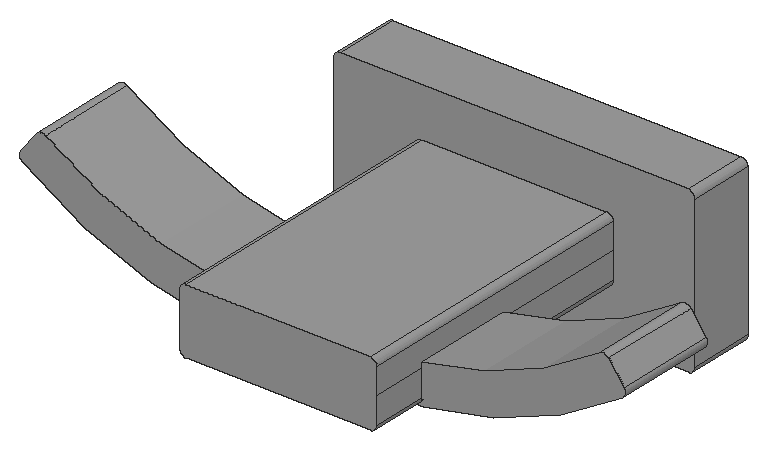
Revit family "PER ATLAS DOBLE CR", category Plumbing Fixtures, Revit 2019
Family settings
  Round Connector Dimension = Use Diameter
  Part Type = Normal
  OmniClass Number = 23.45.00.00
  OmniClass Title = Sanitary, Laundry, and Cleaning Equipment
  Work Plane-Based = No
  Always vertical = Yes
  Cut with Voids When Loaded = No
  Shared = No
  Room Calculation Point = No
Reference planes
  plane 1 "Center (Front/Back)": y = 0
  plane 2: z = 0
  plane 3 "Center (Left/Right)": x = 0
Forms (mm)
  Extrusion 1, solid
    sketch origin (0, 0, 0) x (1, 0, 0) y (0, 0, 1)
      loop
        line (1.01, 0) -> (53.967, 0)
        arc (53.967, 0) -> (54.698, 0.302) -> (55, 1.033) r 1.033
        line (55, 1.033) -> (55, 23.959)
        arc (55, 23.959) -> (54.695, 24.695) -> (53.959, 25) r 1.041
        line (53.959, 25) -> (0.983, 25)
        arc (0.983, 25) -> (0.288, 24.712) -> (0, 24.017) r 0.983
        line (0, 24.017) -> (0, 1.01)
        arc (0, 1.01) -> (0.296, 0.296) -> (1.01, 0) r 1.01
    from 0 to 10
  Extrusion 2, solid
    sketch origin (0, 0, 0) x (1, 0, 0) y (0, 0, 1)
      loop
        line (42.5, 12.5) -> (42.5, 16.532)
        arc (42.5, 16.532) -> (42.216, 17.216) -> (41.532, 17.5) r 0.968
        line (41.532, 17.5) -> (13.46, 17.5)
        arc (13.46, 17.5) -> (12.781, 17.219) -> (12.5, 16.54) r 0.96
        line (12.5, 16.54) -> (12.5, 8.499)
        arc (12.5, 8.499) -> (12.792, 7.792) -> (13.499, 7.5) r 0.999
        line (13.499, 7.5) -> (41.525, 7.5)
        arc (41.525, 7.5) -> (42.214, 7.786) -> (42.5, 8.475) r 0.975
        line (42.5, 8.475) -> (42.5, 12.5)
    from 10 to 55
  Extrusion 3, solid
    sketch origin (0, 0, 0) x (1, 0, 0) y (0, 0, 1)
      loop
        line (42.5, 13.5) -> (12.5, 13.5)
        arc (12.5, 13.5) -> (-1.755, 17.2) -> (-14.697, 24.23) r 60.598
        arc (-14.697, 24.23) -> (-15.441, 24.405) -> (-16.094, 24.008) r 1.009
        line (-16.094, 24.008) -> (-18.447, 20.82)
        arc (-18.447, 20.82) -> (-18.635, 20.047) -> (-18.217, 19.371) r 1.029
        arc (-18.217, 19.371) -> (-3.789, 11.553) -> (12.112, 7.5) r 66.598
        line (12.112, 7.5) -> (42.888, 7.5)
        arc (42.888, 7.5) -> (58.788, 11.552) -> (73.214, 19.369) r 66.598
        arc (73.214, 19.369) -> (73.634, 20.047) -> (73.445, 20.822) r 1.032
        line (73.445, 20.822) -> (71.108, 23.989)
        arc (71.108, 23.989) -> (70.44, 24.395) -> (69.678, 24.216) r 1.033
        arc (69.678, 24.216) -> (56.744, 17.196) -> (42.5, 13.5) r 60.598
    from 31.049 to 46.542
Dimensions and locks
  aligned and locked: level to plane 2
